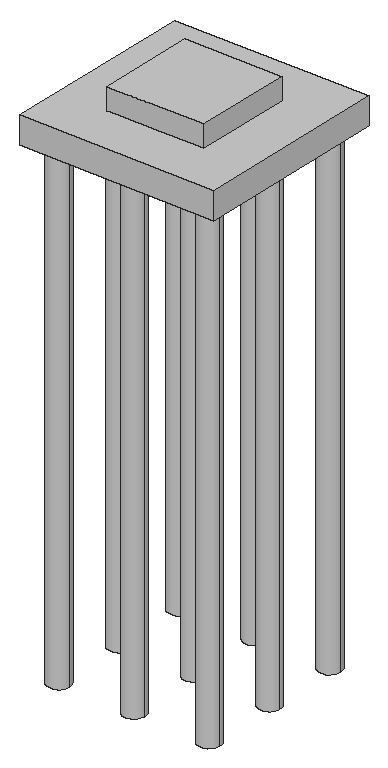
Revit family "桩基承台-九桩二阶承台", category 结构基础, Revit 2016
Family settings
  用于模型行为的材质 = 混凝土
  管帽 = 否
  基于工作平面 = 否
  总是垂直 = 是
  加载时剪切的空心 = 否
  共享 = 否
Parameters (values of type "台阶")
  桩材质 [instance] = 混凝土 - 现场浇注混凝土
  h2 = 400 mm
  h1 = 500 mm
  宽度 = 3600 mm
  Ty = D2  # 1800 mm
  Tx = D1  # 1800 mm
  Thickness = h1 + h2  # 900 mm
  Structural Material [instance] = 混凝土 - 现场浇注混凝土
  坡度 = no
  桩类型 = 桩 - 混凝土圆形桩 : 400mm 直径
  桩长度 [instance] = 9000 mm
  长度 = 3600 mm
  D2 = 1800 mm
  D1 = 1800 mm
  桩嵌固 = 100 mm
  桩边距 = 400 mm
  By = if(坡度, 长度, D2)  # 1800 mm
  Bx = if(坡度, 宽度, D1)  # 1800 mm
  Assembly Code = ""
Types (3, lengths in mm): name | 桩材质 | 坡度 | By | Bx
  (no name) | 混凝土 - 现场浇注混凝土 | no | 1800 | 1800
  坡度 | none | yes | 3600 | 3600
  台阶 | 混凝土 - 现场浇注混凝土 | no | 1800 | 1800
Reference planes
  plane 1 "中心(前/后)": y = 0
  plane 2: z = 0
  plane 3 "中心(左/右)": x = 0
  plane 4: x = -1800
  plane 5: x = 1800
  plane 6: y = 1800
  plane 7: y = -1800
  plane 8: z = -900
  plane 9: x = -1400
  plane 10: x = 1400
  plane 11: y = 1400
  plane 12: y = -1400
  plane 13: z = -800
  plane 14: x = -900
  plane 15: y = 900
  plane 16: x = 900
  plane 17: y = -900
  plane 18: z = -400
Forms (mm)
  Extrusion 1, solid, material "混凝土 - 现场浇注混凝土" <- "Structural Material"
    sketch origin (0, 0, 0) x (1, 0, 0) y (0, 1, 0)
      loop
        line (-1800, 1800) -> (-1800, -1800) -> (1800, -1800) -> (1800, 1800) -> (-1800, 1800)
    from -900 to -400
  Extrusion 2, solid, material "混凝土 - 现场浇注混凝土" <- "Structural Material"
    sketch origin (0, 0, 0) x (1, 0, 0) y (0, 1, 0)
      loop
        line (-900, 900) -> (-900, -900) -> (900, -900) -> (900, 900) -> (-900, 900)
    from 0 to -400
Dimensions and locks
  "宽度": plane 4 to plane 5
  "长度": plane 6 to plane 7
  equal spacing: plane 6, plane 1 "中心(前/后)", plane 7
  equal spacing: plane 4, plane 3 "中心(左/右)", plane 5
  "Thickness": plane 2 to plane 8
  "桩边距": plane 4 to plane 9
  "桩边距": plane 10 to plane 5
  "桩边距": plane 6 to plane 11
  "桩边距": plane 7 to plane 12
  "桩嵌固": plane 13 to plane 8
  equal spacing: plane 14, plane 3 "中心(左/右)", plane 16
  equal spacing: plane 17, plane 1 "中心(前/后)", plane 15
  "h2": level to plane 18
  "D1": plane 14 to plane 16
  "D2": plane 15 to plane 17
  "h1": plane 18 to plane 8
  aligned and locked: plane 4 to Extrusion 1 sketch curve
  aligned and locked: Extrusion 1 sketch curve to plane 5
  aligned and locked: Extrusion 1 sketch curve to plane 6
  aligned and locked: plane 7 to Extrusion 1 sketch curve
  aligned and locked: Extrusion 1 to plane 8
  aligned and locked: nested 1 to plane 13
  aligned and locked: plane 12 to nested 9
  aligned and locked: plane 3 "中心(左/右)" to nested 9
  aligned and locked: plane 12 to nested 6
  aligned and locked: nested 6 to plane 9
  aligned and locked: plane 10 to nested 8
  aligned and locked: plane 12 to nested 8
  aligned and locked: plane 1 "中心(前/后)" to nested 5
  aligned and locked: plane 10 to nested 5
  aligned and locked: plane 11 to nested 2
  aligned and locked: plane 3 "中心(左/右)" to nested 2
  aligned and locked: plane 10 to nested 4
  aligned and locked: plane 11 to nested 4
  aligned and locked: nested 7 to plane 1 "中心(前/后)"
  aligned and locked: nested 7 to plane 9
  aligned and locked: nested 3 to plane 11
  aligned and locked: nested 3 to plane 9
  aligned and locked: plane 1 "中心(前/后)" to nested 1
  aligned and locked: plane 3 "中心(左/右)" to nested 1
  aligned and locked: nested 6 to plane 13
  aligned and locked: nested 7 to plane 13
  aligned and locked: nested 3 to plane 13
  aligned and locked: nested 9 to plane 13
  aligned and locked: nested 8 to plane 13
  aligned and locked: nested 2 to plane 13
  aligned and locked: nested 5 to plane 13
  aligned and locked: nested 4 to plane 13
  aligned and locked: Extrusion 1 to plane 18
  aligned and locked: Extrusion 2 sketch curve to plane 15
  aligned and locked: plane 14 to Extrusion 2 sketch curve
  aligned and locked: Extrusion 2 sketch curve to plane 17
  aligned and locked: plane 16 to Extrusion 2 sketch curve
  aligned and locked: plane 18 to Extrusion 2
  aligned and locked: level to Extrusion 2
Nested families
  nested 1: "桩 - 混凝土圆形桩" at (0, 0, -900), 最小预埋件 <- "桩嵌固", 桩长度 <- "桩长度", type <- "桩类型", Structural Material <- "桩材质", type "400mm 直径"
    with Structural Material 混凝土 - 现场浇注混凝土, 桩长度 9000 mm, 最小预埋件 100 mm, 半径 200 mm, Diameter 400 mm
  nested 2: "桩 - 混凝土圆形桩" at (0, 1400, -900), 最小预埋件 <- "桩嵌固", 桩长度 <- "桩长度", type <- "桩类型", Structural Material <- "桩材质", type "400mm 直径"
    with Structural Material 混凝土 - 现场浇注混凝土, 桩长度 9000 mm, 最小预埋件 100 mm, 半径 200 mm, Diameter 400 mm
  nested 3: "桩 - 混凝土圆形桩" at (-1400, 1400, -900), 最小预埋件 <- "桩嵌固", 桩长度 <- "桩长度", type <- "桩类型", Structural Material <- "桩材质", type "400mm 直径"
    with Structural Material 混凝土 - 现场浇注混凝土, 桩长度 9000 mm, 最小预埋件 100 mm, 半径 200 mm, Diameter 400 mm
  nested 4: "桩 - 混凝土圆形桩" at (1400, 1400, -900), 最小预埋件 <- "桩嵌固", 桩长度 <- "桩长度", type <- "桩类型", Structural Material <- "桩材质", type "400mm 直径"
    with Structural Material 混凝土 - 现场浇注混凝土, 桩长度 9000 mm, 最小预埋件 100 mm, 半径 200 mm, Diameter 400 mm
  nested 5: "桩 - 混凝土圆形桩" at (1400, 0, -900), 最小预埋件 <- "桩嵌固", 桩长度 <- "桩长度", type <- "桩类型", Structural Material <- "桩材质", type "400mm 直径"
    with Structural Material 混凝土 - 现场浇注混凝土, 桩长度 9000 mm, 最小预埋件 100 mm, 半径 200 mm, Diameter 400 mm
  nested 6: "桩 - 混凝土圆形桩" at (-1400, -1400, -900), 最小预埋件 <- "桩嵌固", 桩长度 <- "桩长度", type <- "桩类型", Structural Material <- "桩材质", type "400mm 直径"
    with Structural Material 混凝土 - 现场浇注混凝土, 桩长度 9000 mm, 最小预埋件 100 mm, 半径 200 mm, Diameter 400 mm
  nested 7: "桩 - 混凝土圆形桩" at (-1400, 0, -900), 最小预埋件 <- "桩嵌固", 桩长度 <- "桩长度", type <- "桩类型", Structural Material <- "桩材质", type "400mm 直径"
    with Structural Material 混凝土 - 现场浇注混凝土, 桩长度 9000 mm, 最小预埋件 100 mm, 半径 200 mm, Diameter 400 mm
  nested 8: "桩 - 混凝土圆形桩" at (1400, -1400, -900), 最小预埋件 <- "桩嵌固", 桩长度 <- "桩长度", type <- "桩类型", Structural Material <- "桩材质", type "400mm 直径"
    with Structural Material 混凝土 - 现场浇注混凝土, 桩长度 9000 mm, 最小预埋件 100 mm, 半径 200 mm, Diameter 400 mm
  nested 9: "桩 - 混凝土圆形桩" at (0, -1400, -900), 最小预埋件 <- "桩嵌固", 桩长度 <- "桩长度", type <- "桩类型", Structural Material <- "桩材质", type "400mm 直径"
    with Structural Material 混凝土 - 现场浇注混凝土, 桩长度 9000 mm, 最小预埋件 100 mm, 半径 200 mm, Diameter 400 mm
Definition of nested family "桩 - 混凝土圆形桩"
  Parameters
    Structural Material [instance] = none
    半径 = Diameter / 2  # 150 mm
    桩长度 [instance] = 6000 mm
    最小预埋件 [instance] = 100 mm
    Diameter = 300 mm
    Assembly Code = ""
  Reference planes
    plane 1 "中心(前/后)": y = 0
    plane 2: z = 0
    plane 3 "中心(左/右)": x = 0
    plane 4: z = -6000
    plane 5: z = 100
  Forms (mm)
    Extrusion 1, solid, material <- "Structural Material"
      sketch origin (0, 0, 0) x (1, 0, 0) y (0, 1, 0)
        loop
          circle (0, 0) r 150
      from -6000 to 100
  Dimensions and locks
    "桩长度": plane 2 to plane 4
    "最小预埋件": plane 5 to plane 2
    "半径": radius of Extrusion 1 sketch curve
    aligned and locked: Extrusion 1 to plane 4
    aligned and locked: Extrusion 1 to plane 5
  Automatic sketch dimensions
    Extrusion 1 sketch curve to plane 1 "中心(前/后)" = 0 mm
    Extrusion 1 sketch curve to plane 3 "中心(左/右)" = 0 mm
